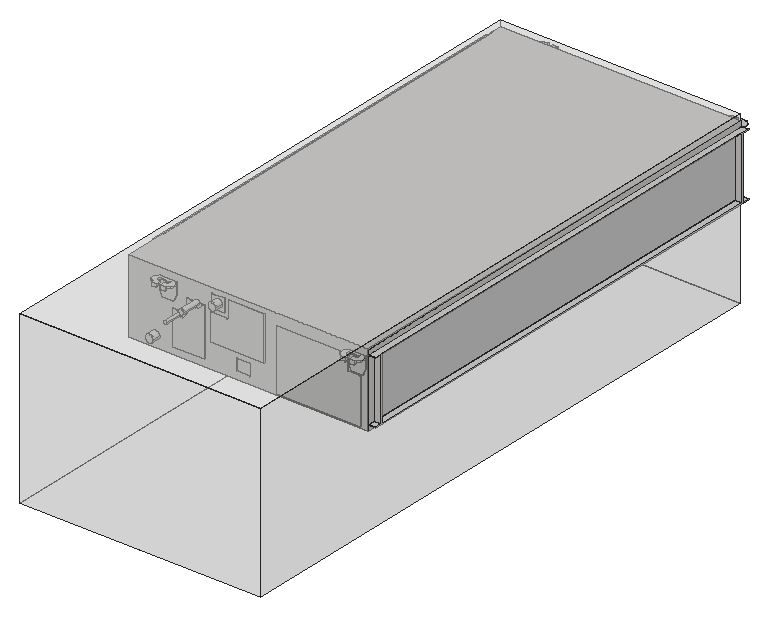
Revit family "outputfile", category 機械設備, Revit 2024
Family settings
  丸型コネクタ寸法 = 半径を使用
  パーツ タイプ = 標準
  OmniClass 番号 = 23.75.10.24.21.27.27
  OmniClass タイトル = Split System Air Conditioning Units
  作業面ベース = いいえ
  常に垂直 = はい
  ロード時にボイドで切り取り = いいえ
  注釈の向きを維持 = いいえ
  共有 = いいえ
  部屋計算ポイント = はい
Parameters (values of type "FXSA140AVMS")
  製造元 = "Daikin"
  書き出し IFC クラス(タイプ) = "IfcUnitaryEquipmentType"
  定義済み IFC タイプ(タイプ) = "AIRCONDITIONINGUNIT"
  モデル = "FXSA140AVMS"
  switch_frequency = yes
  r_Liquid Pipe Size = Liquid Pipe Size / 2  # 4.75 mm
  r_Gas Pipe Size = Gas Pipe Size / 2  # 7.95 mm
  r_Drain Pipe Size = Drain Pipe Size / 2  # 12.5 mm
  lw_power = 770.0 mm
  lh_SA = 138.0 mm
  lw_SA = if(Width = 550.0 mm, 225.0 mm, if(Width = 700.0 mm, 300.0 mm, if(Width = 1000.0 mm, 450.0 mm, if(Width = 1400.0 mm, 650.0 mm, 725.0 mm))))  # 725.0 mm
  lw_RA = if(Width = 550.0 mm, 275.0 mm, if(Width = 700.0 mm, 349.0 mm, if(Width = 1000.0 mm, 499.0 mm, if(Width = 1400.0 mm, 699.0 mm, 775.0 mm))))  # 775.0 mm
  lh_power = 60.0 mm + [h***]  # 60.0 mm
  lh_mountinghole1 = lh_mountinghole + [h***]  # 222.0 mm
  lh_RA = 123.0 mm
  ld_power = Width / 2  # 775.0 mm
  connector_voltage = Voltage_50Hz  # 220 V
  connector_powerinput = [Power Input (Cooling)]  # 0.222 kW
  connector_phase = Phase_50Hz  # 1
  Voltage_comment_50Hz = "220"
  Voltage_50Hz = 220 V
  Total Heating Capacity [instance] = 0.000 kW
  Supply Air Direction [instance] = yes
  Sound Power Level_H speed (dB) = 71
  Power Input (Heating) = 0.217 kW
  Phase_50Hz = 1
  Nominal Heating Capacity = 18.000 kW
  Minimum External Static Pressure = 50.00 Pa
  Minimum Circuit Amps_50Hz = 3.3 A
  Maximum Fuse Amps_50Hz = 16.0 A
  Maximum External Static Pressure = 140.00 Pa
  Material_Casing = DAIKIN_GalvanizedSteel_Casing_indoorunit
  lw_mountinghole = 630.0 mm
  lh_gaspipe = 183.0 mm + [h***]  # 183.0 mm
  lh_mountinghole = 222.0 mm
  lh_liquidpipe = 136.0 mm + [h***]  # 136.0 mm
  lh_drainpipe = 207.0 mm + [h***]  # 207.0 mm
  lh_antena = Height - lh_mountinghole + 1.0 mm  # 24.0 mm
  ld_drainpipe = Width / 2 + 26.0 mm  # 801.0 mm
  ld_liquidpipe = 844.0 mm
  ld_gaspipe = Width / 2 + 65.0 mm  # 840.0 mm
  ld_mountinghole = Width + 38.0 mm  # 1588.0 mm
  h*** = 0.0 mm
  lw_liquidpipe = 179.0 mm
  lw_gaspipe = 229.0 mm
  lw_drainpipe = 300.0 mm
  Width = 1550.0 mm
  Version = "ver.1.0"
  Unit Type = "Duct_M.S.P."
  Unit Mass Weight = 52.00 kg
  Unit Designation [instance] = ""
  Uniclass2015Version = "Products v1.30"
  Uniclass2015Title = "Variable refrigerant flow units"
  Uniclass2015Code = "Pr_70_65_03_94"
  Total Cooling Capacity [instance] = 0.000 kW
  Sound Pressure Level_M speed (dBA) = 40
  Sound Pressure Level_L speed (dBA) = 36
  Sound Pressure Level_H speed (dBA) = 43
  Series = "VRV Fan Coil Unit"
  Sensible Cooling Capacity [instance] = 0.000 kW
  SA Duct Size Width = 1337.0 mm
  SA Duct Size Height = 176.0 mm
  Refrigerant Type = "R32"
  RA Duct Size Width = 1502.0 mm
  RA Duct Size Height = 208.0 mm
  Power Input (Cooling) = 0.222 kW
  Option Accessory 3 [instance] = ""
  Option Accessory 2 [instance] = ""
  Option Accessory 1 [instance] = ""
  Nominal Cooling Capacity = 16.000 kW
  Minimum Airflow = 1680.00 m³/h
  Median Airflow = 2010.00 m³/h
  Maximum Airflow = 2340.00 m³/h
  Load Classification = HVAC
  Liquid Pipe Size = 9.5 mm
  Link_Nested Family [instance] = ""
  IfcVersion = ""
  IfcExportType = "AIRCONDITIONINGUNIT"
  IfcExportAs = "IfcUnitaryEquipmentType"
  Height = 245.0 mm
  Heating Entering Wet Bulb Temperature [instance] = -273.15 °C
  Heating Entering Dry Bulb Temperature [instance] = -273.15 °C
  Heating Ambient Wet Bulb Temperature [instance] = -273.15 °C
  Heating Ambient Dry Bulb Temperature [instance] = -273.15 °C
  Heat Exchanger Type = "Cross Fin Coil"
  Gas Pipe Size = 15.9 mm
  Frequency_50Hz = 50 Hz
  Fan Type = "Sirocco Fan"
  Fan Drive = "Direct Drive"
  FCU Tag No. [instance] = ""
  Drain Pipe Size = 25.0 mm
  Design Supply Airflow [instance] = 0.00 m³/h
  Design Return Airflow [instance] = 0.00 m³/h
  Design External Static Pressure [instance] = 0.00 Pa
  Depth = 800.0 mm
  既定の高さ = 0.0 mm
  Cooling Entering Wet Bulb Temperature [instance] = 0.00 °C
  Cooling Entering Dry Bulb Temperature [instance] = 0.00 °C
  Cooling Ambient Wet Bulb Temperature [instance] = 0.00 °C
  Cooling Ambient Dry Bulb Temperature [instance] = 0.00 °C
  Clearance visibility [instance] = yes
  Clearance Top = 20.0 mm
  Clearance Right = 0.0 mm
  Clearance Rear = 0.0 mm
  Clearance Left = 0.0 mm
  Clearance Front = 450.0 mm
  Clearance Bottom = 300.0 mm
Reference planes
  plane 1 "Center (Front/Back)": y = 0
  plane 2 "h": z = 0
  plane 3 "Center (Left/Right)": x = 0
  plane 4 "Back": y = 775
  plane 5 "Front": y = -775
  plane 6 "Left": x = -400
  plane 7 "Right": x = 400
  plane 8 "Top": z = 0
  plane 9 "Bottom": z = -245
  plane 10: y = -215
  plane 11: y = 775
  plane 12: y = -1225
  plane 13: x = -400
  plane 14: x = 400
  plane 15: z = 20
  plane 16: z = -545
  plane 17: x = -400
  plane 18: x = -399
  plane 19: x = 399
  plane 20: y = 50
  plane 21: y = 0
  plane 22: z = -122
  plane 23: y = -776
  plane 24: z = -109
  plane 25: x = -221
  plane 26: y = -840
  plane 27: z = -62
  plane 28: x = -171
  plane 29: y = -801
  plane 30: z = -38
  plane 31: x = -100
  plane 32: x = -100
  plane 33: x = -221
  plane 34: x = -171
  plane 35: x = 370
  plane 36: x = -266
  plane 37: x = 364
  plane 38: y = -794
  plane 39: y = 794
  plane 40: z = -23
  plane 41: z = -107
  plane 42: y = -844
  plane 43: z = -207
  plane 44: x = -309
  plane 45: y = -376
  plane 46: x = -251
  plane 47: x = -203
  plane 48: x = -144
  plane 49: z = -59
  plane 50: z = -106
  plane 51: z = -221
  plane 52: z = -109
  plane 53: x = -221
  plane 54: z = -62
  plane 55: x = -171
  plane 56: z = -17
  plane 57: z = -59
  plane 58: x = -121
  plane 59: x = -79
  plane 60: x = -125
  plane 61: x = -64
  plane 62: x = 53
  plane 63: z = -164
  plane 64: z = -73
  plane 65: z = -16
  plane 66: x = 93.5
  plane 67: x = 374.5
  plane 68: x = 330
  plane 69: z = -88.5
  plane 70: z = -38
  plane 71: z = -242.5
  plane 72: x = -38.5
  plane 73: x = 6.5
  plane 74: z = -181
  plane 75: z = -221
  plane 76: y = -774
  plane 77: x = -424
  plane 78: x = 424
Forms (mm)
  Extrusion 1, solid, material "DAIKIN_GalvanizedSteel_Casing_indoorunit" <- "Material_Casing"
    sketch origin (0, 0, 0) x (1, 0, 0) y (0, 1, 0)
      loop
        line (-399, 775) -> (-399, -775) -> (399, -775) -> (399, 775) -> (-399, 775)
    from -245 to 0
  Extrusion 2, solid, material "DAIKIN_GalvanizedSteel_Casing_indoorunit" <- "Material_Casing"
    sketch origin (0, 0, 0) x (1, 0, 0) y (0, 0, 1)
      loop
        line (-251, -221) -> (-144, -221) -> (-144, -59) -> (-154.47, -59)
        arc (-154.47, -59) -> (-171, -78.8) -> (-187.53, -59) r 16.8
        line (-187.53, -59) -> (-203, -59) -> (-203, -106) -> (-206.916, -106)
        arc (-206.916, -106) -> (-221, -123.4) -> (-235.084, -106) r 14.4
        line (-235.084, -106) -> (-251, -106) -> (-251, -221)
    from 775 to 776
  Extrusion 3, solid, material "DAIKIN_GalvanizedSteel_Casing_indoorunit" <- "Material_Casing"
    sketch origin (0, 0, 0) x (1, 0, 0) y (0, 0, 1)
      loop
        line (-121, -17) -> (-121, -59) -> (-79, -59) -> (-79, -17) -> (-121, -17)
      loop
        line (-125, -73) -> (-125, -164) -> (53, -164) -> (53, -16) -> (-64, -16) -> (-64, -73) -> (-125, -73)
    from 775 to 776
  Extrusion 4, solid, material "DAIKIN_GalvanizedSteel_Casing_indoorunit" <- "Material_Casing"
    sketch origin (0, 0, 0) x (1, 0, 0) y (0, 0, 1)
      loop
        line (93.5, -38) -> (93.5, -242.5) -> (374.5, -242.5) -> (374.5, -88.5) -> (330, -88.5) -> (330, -38) -> (93.5, -38)
    from 775 to 776
  Extrusion 5, solid, material "DAIKIN_GalvanizedSteel_Casing_indoorunit" <- "Material_Casing"
    sketch origin (0, 0, 0) x (1, 0, 0) y (0, 0, 1)
      loop
        circle (-221, -109) r 4.75
    from 775 to 844
  Extrusion 6, solid, material "DAIKIN_GalvanizedSteel_Casing_indoorunit" <- "Material_Casing"
    sketch origin (0, 0, 0) x (1, 0, 0) y (0, 0, 1)
      loop
        circle (-171, -62) r 7.95
    from 775 to 840
  Extrusion 7, solid, material "DAIKIN_GalvanizedSteel_Casing_indoorunit" <- "Material_Casing"
    sketch origin (0, 0, 0) x (1, 0, 0) y (0, 0, 1)
      loop
        circle (-100, -38) r 12.5
    from 776 to 801
  Extrusion 8, solid, material "DAIKIN_GalvanizedSteel_Casing_indoorunit" <- "Material_Casing"
    sketch origin (0, 0, 0) x (1, 0, 0) y (0, 0, 1)
      loop
        circle (-309, -207) r 13
    from 775 to 801
  Extrusion 9, void
    sketch origin (0, 0, 0) x (1, 0, 0) y (0, 0, 1)
      loop
        line (-38.5, -181) -> (-38.5, -221) -> (6.5, -221) -> (6.5, -181) -> (-38.5, -181)
    from 774 to 775
Cuts and joins
  Extrusion 9 cuts Extrusion 1
Dimensions and locks
  "Height": plane 8 "Top" to plane 9 "Bottom"
  equal spacing: plane 4 "Back", plane 1 "Center (Front/Back)", plane 5 "Front"
  "Width": plane 4 "Back" to plane 5 "Front"
  equal spacing: plane 6 "Left", plane 3 "Center (Left/Right)", plane 7 "Right"
  "Depth": plane 6 "Left" to plane 7 "Right"
  "Clearance Left": plane 13 to plane 6 "Left"
  "Clearance Right": plane 7 "Right" to plane 14
  "Clearance Rear": plane 11 to plane 4 "Back"
  "Clearance Front": plane 5 "Front" to plane 12
  "Clearance Top": plane 15 to plane 8 "Top"
  "Clearance Bottom": plane 9 "Bottom" to plane 16
  locked: plane 17 to plane 18 at 1
  locked: plane 19 to plane 14 at 1
  "lw_SA": plane 11 to plane 20
  "lw_RA": plane 21 to plane 5 "Front"
  "lh_RA": plane 22 to plane 9 "Bottom"
  locked: plane 5 "Front" to plane 23 at 1
  "lw_liquidpipe": plane 25 to plane 6 "Left"
  "lh_liquidpipe": plane 24 to plane 9 "Bottom"
  "lh_gaspipe": plane 27 to plane 9 "Bottom"
  "lw_gaspipe": plane 28 to plane 6 "Left"
  "ld_gaspipe": plane 26 to plane 1 "Center (Front/Back)"
  "ld_drainpipe": plane 29 to plane 1 "Center (Front/Back)"
  "lh_drainpipe": plane 30 to plane 9 "Bottom"
  "lw_drainpipe": plane 31 to plane 6 "Left"
  "lw_drainpipe": plane 6 "Left" to plane 32
  "lw_liquidpipe": plane 6 "Left" to plane 33
  "lw_gaspipe": plane 6 "Left" to plane 34
  "lw_power": plane 6 "Left" to plane 35
  locked: plane 17 to plane 36 at 134
  "lw_mountinghole": plane 36 to plane 37
  equal spacing: plane 38, plane 1 "Center (Front/Back)", plane 39
  "ld_mountinghole": plane 39 to plane 38
  "lh_mountinghole": plane 40 to plane 9 "Bottom"
  "lh_SA": plane 41 to plane 9 "Bottom"
  locked: plane 44 to plane 6 "Left" at 91
  locked: plane 43 to plane 9 "Bottom" at 38
  plane 48 to plane 47 to plane 46 to plane 6 "Left" = 59.0 mm, 48.0 mm, 149.0 mm
  plane 8 "Top" to plane 49 to plane 50 to plane 51 = 59.0 mm locked, 47.0 mm locked, 115.0 mm locked
  plane 55 to plane 53 to plane 6 "Left" = 50.0 mm locked, 179.0 mm locked
  plane 54 to plane 52 to plane 9 "Bottom" = 47.0 mm locked, 136.0 mm locked
  plane 59 to plane 58 to plane 6 "Left" = 42.0 mm locked, 279.0 mm locked
  plane 8 "Top" to plane 56 to plane 57 = 17.0 mm locked, 42.0 mm locked
  plane 62 to plane 61 to plane 60 to plane 6 "Left" = 117.0 mm, 61.0 mm, 275.0 mm
  plane 8 "Top" to plane 65 to plane 64 = 16.0 mm locked, 57.0 mm locked
  locked: plane 65 to plane 63 at 148
  plane 8 "Top" to plane 70 to plane 69 to plane 71 = 38.0 mm locked, 50.5 mm locked, 154.0 mm locked
  plane 67 to plane 68 to plane 66 to plane 6 "Left" = 44.5 mm locked, 236.5 mm locked, 493.5 mm locked
  plane 8 "Top" to plane 74 to plane 75 = 181.0 mm locked, 40.0 mm locked
  plane 73 to plane 72 to plane 6 "Left" = 45.0 mm, 361.5 mm
  locked: plane 76 to plane 5 "Front" at 1
  locked: plane 77 to plane 17 at 24
  locked: plane 14 to plane 78 at 24
  "ld_liquidpipe": plane 42 to plane 1 "Center (Front/Back)"
  "r_Liquid Pipe Size": radius of Extrusion 5 sketch curve
  "r_Gas Pipe Size": radius of Extrusion 6 sketch curve
  "r_Drain Pipe Size": radius of Extrusion 7 sketch curve
  aligned and locked: level to plane 2 "h"
  aligned and locked: plane 8 "Top" to Extrusion 1
  aligned and locked: Extrusion 1 to plane 9 "Bottom"
  aligned and locked: nested 5 to plane 12
  aligned and locked: plane 13 to nested 5
  aligned and locked: plane 14 to nested 5
  aligned and locked: nested 5 to plane 13
  aligned and locked: plane 11 to nested 5
  aligned and locked: plane 15 to nested 5
  aligned and locked: plane 16 to nested 5
  aligned and locked: plane 5 "Front" to Extrusion 1 sketch curve
  aligned and locked: Extrusion 1 to plane 18
  aligned and locked: plane 19 to Extrusion 1
  aligned and locked: nested 7 to plane 18
  aligned and locked: nested 7 to plane 20
  aligned and locked: plane 19 to nested 8
  aligned and locked: plane 21 to nested 8
  aligned and locked: plane 22 to nested 8
  aligned and locked: Extrusion 2 to plane 23
  aligned and locked: plane 5 "Front" to Extrusion 2
  aligned and locked: Extrusion 3 to plane 23
  aligned and locked: plane 5 "Front" to Extrusion 3
  aligned and locked: plane 5 "Front" to Extrusion 4
  aligned and locked: Extrusion 5 sketch curve to plane 25
  aligned and locked: plane 24 to Extrusion 5 sketch curve
  aligned and locked: plane 5 "Front" to Extrusion 5
  aligned and locked: Extrusion 6 sketch curve to plane 28
  aligned and locked: plane 27 to Extrusion 6 sketch curve
  aligned and locked: plane 5 "Front" to Extrusion 6
  aligned and locked: Extrusion 7 sketch curve to plane 31
  aligned and locked: Extrusion 7 sketch curve to plane 30
  aligned and locked: Extrusion 7 to plane 29
  aligned and locked: plane 23 to Extrusion 7
  aligned and locked: nested 3 to plane 29
  aligned and locked: nested 3 to plane 32
  aligned and locked: nested 2 to plane 33
  aligned and locked: nested 1 to plane 34
  aligned and locked: Extrusion 6 to plane 26
  aligned and locked: nested 1 to plane 26
  aligned and locked: nested 6 to plane 5 "Front"
  aligned and locked: nested 6 to plane 35
  aligned and locked: plane 36 to nested 10
  aligned and locked: nested 10 to plane 5 "Front"
  aligned and locked: plane 37 to nested 9
  aligned and locked: nested 9 to plane 5 "Front"
  aligned and locked: nested 11 to plane 36
  aligned and locked: plane 4 "Back" to nested 11
  aligned and locked: nested 12 to plane 37
  aligned and locked: plane 4 "Back" to nested 12
  aligned and locked: plane 40 to nested 10
  aligned and locked: plane 40 to nested 11
  aligned and locked: plane 40 to nested 9
  aligned and locked: plane 40 to nested 12
  aligned and locked: plane 36 to nested 14
  aligned and locked: nested 14 to plane 39
  aligned and locked: plane 37 to nested 13
  aligned and locked: nested 13 to plane 39
  aligned and locked: plane 37 to nested 16
  aligned and locked: plane 38 to nested 16
  aligned and locked: plane 38 to nested 15
  aligned and locked: plane 36 to nested 15
  aligned and locked: plane 17 to plane 6 "Left"
  aligned and locked: plane 41 to nested 7
  aligned and locked: Extrusion 5 to plane 42
  aligned and locked: nested 2 to plane 42
  aligned and locked: Extrusion 8 sketch curve to plane 44
  aligned and locked: plane 43 to Extrusion 8 sketch curve
  aligned and locked: plane 5 "Front" to Extrusion 8
  aligned and locked: Extrusion 3 sketch curve to plane 56
  aligned and locked: Extrusion 3 sketch curve to plane 58
  aligned and locked: plane 57 to Extrusion 3 sketch curve
  aligned and locked: plane 59 to Extrusion 3 sketch curve
  aligned and locked: Extrusion 4 to plane 23
  aligned and locked: Extrusion 9 sketch curve to plane 74
  aligned and locked: plane 75 to Extrusion 9 sketch curve
  aligned and locked: plane 73 to Extrusion 9 sketch curve
  aligned and locked: plane 5 "Front" to Extrusion 9
  aligned and locked: plane 76 to Extrusion 9
  aligned and locked: nested 17 to plane 20
  aligned and locked: nested 17 to plane 77
  aligned and locked: plane 21 to nested 18
  aligned and locked: plane 78 to nested 18
  aligned and locked: plane 41 to nested 17
  aligned and locked: nested 18 to plane 22
  aligned and locked: nested 4 to plane 3 "Center (Left/Right)"
  aligned and locked: plane 1 "Center (Front/Back)" to nested 4
  aligned and locked: level to plane 8 "Top"
  aligned and locked: Extrusion 8 to plane 29
Automatic sketch dimensions
  plane 6 "Left" to Extrusion 1 sketch curve = 1.0 mm
  Extrusion 1 sketch curve to plane 7 "Right" = 1.0 mm
  Extrusion 1 sketch curve to plane 4 "Back" = 0.0 mm
  Extrusion 2 sketch curve to plane 46 = 0.0 mm
  Extrusion 2 sketch curve to plane 33 = 0.0 mm
  Extrusion 2 sketch curve to plane 47 = 0.0 mm
  Extrusion 2 sketch curve to plane 34 = 0.0 mm
  Extrusion 2 sketch curve to plane 48 = 0.0 mm
  Extrusion 2 sketch curve to plane 51 = 0.0 mm
  Extrusion 2 sketch curve to plane 52 = 0.0 mm
  Extrusion 2 sketch curve to plane 50 = 0.0 mm  (x3)
  Extrusion 2 sketch curve to plane 54 = 0.0 mm
  Extrusion 2 sketch curve to plane 49 = 0.0 mm  (x3)
  plane 33 to Extrusion 2 sketch curve = 14.084 mm
  plane 34 to Extrusion 2 sketch curve = 16.53 mm
  Extrusion 3 sketch curve to plane 60 = 0.0 mm
  Extrusion 3 sketch curve to plane 61 = 0.0 mm
  Extrusion 3 sketch curve to plane 62 = 0.0 mm
  Extrusion 3 sketch curve to plane 63 = 0.0 mm
  Extrusion 3 sketch curve to plane 64 = 0.0 mm
  Extrusion 3 sketch curve to plane 65 = 0.0 mm
  Extrusion 4 sketch curve to plane 66 = 0.0 mm
  Extrusion 4 sketch curve to plane 68 = 0.0 mm
  Extrusion 4 sketch curve to plane 67 = 0.0 mm
  Extrusion 4 sketch curve to plane 71 = 0.0 mm
  Extrusion 4 sketch curve to plane 69 = 0.0 mm
  Extrusion 4 sketch curve to plane 70 = 0.0 mm
  Extrusion 9 sketch curve to plane 72 = 0.0 mm
  radius of Extrusion 8 sketch curve = 13.0 mm
Nested families
  nested 1: "daikin_connector_rotate2" at (-171, 0, -62), length <- "ld_gaspipe", built-in parameter 1001364 <- "lh_gaspipe", radius <- "r_Gas Pipe Size", type "daikin_connector_rotate2"
    with radius 7.95 mm, length 840.0 mm, angle_vertical 90.00°
  nested 2: "daikin_connector_rotate2" at (-221, 0, -109), length <- "ld_liquidpipe", built-in parameter 1001364 <- "lh_liquidpipe", radius <- "r_Liquid Pipe Size", type "daikin_connector_rotate2"
    with radius 4.75 mm, length 844.0 mm, angle_vertical 90.00°
  nested 3: "daikin_connector_rotate2" at (-100, 0, -38), length <- "ld_drainpipe", built-in parameter 1001364 <- "lh_drainpipe", radius <- "r_Drain Pipe Size", type "daikin_connector_rotate2"
    with radius 12.5 mm, length 801.0 mm, angle_vertical 90.00°
  nested 4: "daikin_△_symbolicline" at (0, 0, 245) x (0, -1, 0) z (0, 0, 1), built-in parameter 1001364 <- "Height", visible <- "Supply Air Direction", type "daikin_△_symbolicline"
    with length 200.0 mm
  nested 5: "daikin_clearancespace" at (0, -225, -262.381), visible <- "Clearance visibility", show <- "Clearance visibility", Link_Nested Family <- "Link_Nested Family", type "daikin_clearancespace"
    with width 800.0 mm, show yes, height 565.0 mm, depth 2000.0 mm, Link_Nested Family ""
  nested 6: "daikin_connector_rotate2" at (370, 0, -185), built-in parameter 1001364 <- "lh_power", length <- "ld_power", type "daikin_connector_rotate2"
    with radius 10.0 mm, length 775.0 mm, angle_vertical 90.00°
  nested 7: "daikin_ductflange_FXSA-AVMS2" at (-399, 50, -107) x (0, -1, 0) z (0, 0, 1), type "daikin_ductflange_FXSA-AVMS2"
    with width 1337.0 mm, w1 24.0 mm, w 1550.0 mm
  nested 8: "daikin_ductflange_FXSA-AVMS" at (399, 0, -122) x (0, 1, 0) z (0, 0, 1), type "daikin_ductflange_FXSA-AVMS"
    with width 1502.0 mm, lw 25.0 mm, w 1550.0 mm
  nested 9: "FXFSA-AVM" at (364, -775, -23), type "daikin_hangerfixture_FXFSA-AVM"
  nested 10: "FXFSA-AVM" at (-266, -775, -23), type "daikin_hangerfixture_FXFSA-AVM"
  nested 11: "FXFSA-AVM" at (-266, 775, -23) x (-1, 0, 0) z (0, 0, 1), type "daikin_hangerfixture_FXFSA-AVM"
  nested 12: "FXFSA-AVM" at (364, 775, -23) x (-1, 0, 0) z (0, 0, 1), type "daikin_hangerfixture_FXFSA-AVM"
  nested 13: "daikin_mountinghole" at (364, 794, -245), h_mountinghole <- "lh_mountinghole1", l_antenna <- "lh_antena", Link_Nested Family <- "Link_Nested Family", type "daikin_mountinghole"
    with show yes, l_antenna 24.0 mm, h_mountinghole 222.0 mm, Link_Nested Family ""
  nested 14: "daikin_mountinghole" at (-266, 794, -245), h_mountinghole <- "lh_mountinghole1", l_antenna <- "lh_antena", Link_Nested Family <- "Link_Nested Family", type "daikin_mountinghole"
    with show yes, l_antenna 24.0 mm, h_mountinghole 222.0 mm, Link_Nested Family ""
  nested 15: "daikin_mountinghole" at (-266, -794, -245), h_mountinghole <- "lh_mountinghole1", l_antenna <- "lh_antena", Link_Nested Family <- "Link_Nested Family", type "daikin_mountinghole"
    with show yes, l_antenna 24.0 mm, h_mountinghole 222.0 mm, Link_Nested Family ""
  nested 16: "daikin_mountinghole" at (364, -794, -245), h_mountinghole <- "lh_mountinghole1", l_antenna <- "lh_antena", Link_Nested Family <- "Link_Nested Family", type "daikin_mountinghole"
    with show yes, l_antenna 24.0 mm, h_mountinghole 222.0 mm, Link_Nested Family ""
  nested 17: "daikin_connector_rotate2" at (-400, 50, -107) x (0, -1, 0) z (0, 0, 1), type "daikin_connector_rotate2"
    with radius 10.0 mm, length 24.0 mm, angle_vertical 90.00°
  nested 18: "daikin_connector_rotate2" at (400, 0, -122) x (0, 1, 0) z (0, 0, 1), type "daikin_connector_rotate2"
    with radius 10.0 mm, length 24.0 mm, angle_vertical 90.00°
Connectors
  piping at (-100, -801, -38), diameter 25, driven by "r_Drain Pipe Size"
    settings: on nested 3, index 3, connector inside diameter 609.6 mm, connector length 0.0 mm, flow factor 0, pipe flow 0.00 m³/h, pressure drop 0.0 Pa, fitting loss kfactor 0, connector angle 0.00°, fixture units 0, engagement length 0.0 mm, angle of deflection 0.00°, flow configuration 1, flow direction 2, fitting loss method 4, system type 16, joint type 0, gender type 0, connector reference index -1, connector utility 0, adjustable connector no, is connector primary yes, connector description "Condensate Drain Piping"
  piping at (-171, -840, -62), diameter 15.9, driven by "r_Gas Pipe Size"
    settings: on nested 1, index 4, connector inside diameter 609.6 mm, connector length 0.0 mm, flow factor 0, pipe flow 0.00 m³/h, pressure drop 0.0 Pa, fitting loss kfactor 0, connector angle 0.00°, fixture units 0, engagement length 0.0 mm, angle of deflection 0.00°, flow configuration 1, flow direction 2, fitting loss method 0, system type 29, joint type 0, gender type 0, connector reference index -1, connector utility 0, adjustable connector no, is connector primary no, connector description "Refrigerant Gas Piping"
  piping at (-221, -844, -109), diameter 9.5, driven by "r_Liquid Pipe Size"
    settings: on nested 2, index 5, connector inside diameter 609.6 mm, connector length 0.0 mm, flow factor 0, pipe flow 0.00 m³/h, pressure drop 0.0 Pa, fitting loss kfactor 0, connector angle 0.00°, fixture units 0, engagement length 0.0 mm, angle of deflection 0.00°, flow configuration 1, flow direction 1, fitting loss method 0, system type 29, joint type 0, gender type 0, connector reference index -1, connector utility 0, adjustable connector no, is connector primary no, connector description "Refrigerant Liquid Piping"
  electrical at (370, -775, -185), driven by "Load Classification", driven by "connector_voltage", driven by "connector_phase", driven by "connector_powerinput"
    settings: on nested 6, index 6, voltage 220 V, apparent load 222 VA, apparent load phase1 0 VA, apparent load phase2 0 VA, apparent load phase3 0 VA, power factor 1, load classification "HVAC", number of poles 1, system type 30, power factor state 1, is connector primary yes, connector utility no, sub classification motor no, connector description "Power Supply"
  hvac at (-424, 50, -107), driven by "SA Duct Size Height", driven by "SA Duct Size Width"
    settings: on nested 17, index 7, duct flow 0.00 m³/h, flow factor 0, pres drop 0.00 Pa, loss coef 0, conn angle 0.00°, conn width 1337.0 mm, conn height 176.0 mm, conn diameter 609.6 mm, duct sys type 1, conn prof type 1, flow config 0, flow direction 2, loss method 4, conn ref index -1, conn util no, is conn primary yes, conn desc "SA Duct"
  hvac at (424, 0, -122), driven by "RA Duct Size Height", driven by "RA Duct Size Width"
    settings: on nested 18, index 8, duct flow 0.00 m³/h, flow factor 0, pres drop 0.00 Pa, loss coef 0, conn angle 0.00°, conn width 1502.0 mm, conn height 208.0 mm, conn diameter 609.6 mm, duct sys type 2, conn prof type 1, flow config 0, flow direction 1, loss method 4, conn ref index -1, conn util no, is conn primary no, conn desc "RA Duct"
Definition of nested family "daikin_clearancespace"
  Parameters (values of type "daikin_clearancespace")
    Description = "daikin_clearancespace"
    width [instance] = 1823.963 mm
    show [instance] = yes
    material = none
    height [instance] = 1359.762 mm
    depth [instance] = 880.0 mm
    Default Elevation = 0.0 mm
    Link_Nested Family [instance] = ""
  Reference planes
    plane 1 "Center (Front/Back)": y = 0
    plane 2 "Center (Elevation)": z = -0.119
    plane 3 "Center (Left/Right)": x = 0
    plane 4: y = 440
    plane 5: y = -440
    plane 6 "Right": x = 911.982
    plane 7 "Left": x = -911.982
    plane 8 "Top": z = 679.762
    plane 9 "Bottom": z = -680
  Forms (mm)
    Extrusion 1, solid, material <- "material", visible <- "show"
      sketch origin (0, 0, 0) x (1, 0, 0) y (0, 1, 0)
        loop
          line (-911.982, 440) -> (-911.982, -440) -> (911.982, -440) -> (911.982, 440) -> (-911.982, 440)
      from -680 to 679.762
  Lines and regions (mm)
    symbolic lines, visible <- "show"
      curve 1: line (911.982, 440, 0) -> (-911.982, 440, 0)
      curve 2: line (-911.982, 440, 0) -> (-911.982, -440, 0)
      curve 3: line (-911.982, -440, 0) -> (911.982, -440, 0)
      curve 4: line (911.982, -440, 0) -> (911.982, 440, 0)
      curve 5: line (911.982, 0, 679.762) -> (-911.982, 0, 679.762)
      curve 6: line (911.982, 0, -680) -> (911.982, 0, 679.762)
      curve 7: line (-911.982, 0, -680) -> (911.982, 0, -680)
      curve 8: line (-911.982, 0, 679.762) -> (-911.982, 0, -680)
      curve 9: line (0, 440, 679.762) -> (0, -440, 679.762)
      curve 10: line (0, -440, 679.762) -> (0, -440, -680)
      curve 11: line (0, 440, -680) -> (0, 440, 679.762)
      curve 12: line (0, -440, -680) -> (0, 440, -680)
  Dimensions and locks
    "width": plane 7 "Left" to plane 6 "Right"
    "depth": plane 4 to plane 5
    "height": plane 8 "Top" to plane 9 "Bottom"
    equal spacing: plane 7 "Left", plane 3 "Center (Left/Right)", plane 6 "Right"
    equal spacing: plane 4, plane 1 "Center (Front/Back)", plane 5
    equal spacing: plane 8 "Top", plane 2 "Center (Elevation)", plane 9 "Bottom"
    aligned and locked: level to plane 2 "Center (Elevation)"
    aligned and locked: Extrusion 1 sketch curve to plane 4
    aligned and locked: plane 7 "Left" to Extrusion 1 sketch curve
    aligned and locked: Extrusion 1 sketch curve to plane 5
    aligned and locked: Extrusion 1 sketch curve to plane 6 "Right"
    aligned and locked: plane 8 "Top" to Extrusion 1
    aligned and locked: curve 1 to Extrusion 1
    aligned and locked: curve 2 to Extrusion 1
    aligned and locked: curve 3 to Extrusion 1
    aligned and locked: curve 4 to Extrusion 1
    aligned and locked: curve 5 to Extrusion 1
    aligned and locked: curve 6 to Extrusion 1
    aligned and locked: curve 7 to Extrusion 1
    aligned and locked: curve 8 to Extrusion 1
    aligned and locked: curve 9 to Extrusion 1
    aligned and locked: curve 10 to Extrusion 1
    aligned and locked: curve 11 to Extrusion 1
    aligned and locked: curve 12 to Extrusion 1
    aligned and locked: Extrusion 1 to plane 9 "Bottom"
Definition of nested family "daikin_ductflange_FXSA-AVMS2"
  Parameters (values of type "daikin_ductflange_FBA-BVMA2")
    width = if(w = 550.0 mm, 337.0 mm, if(w = 700.0 mm, 492.0 mm, if(w = 1000.0 mm, 792.0 mm, if(w = 1400.0 mm, 1192.0 mm, 1337.0 mm))))  # 492.0 mm
    w1 = if(w = 550.0 mm, 24.0 mm, if(w = 700.0 mm, 21.5 mm, if(w = 1000.0 mm, 21.5 mm, if(w = 1400.0 mm, 21.5 mm, 24.0 mm))))  # 21.5 mm
    material = none
    height = 215.0 mm
    depth = 1.0 mm
    w = 700.0 mm
    Default Elevation = 0.0 mm
  Reference planes
    plane 1 "Center (Front/Back)": y = 0
    plane 2: z = 0
    plane 3 "Center (Left/Right)": x = 0
    plane 4: z = 88
    plane 5: z = -88
    plane 6: y = -25
    plane 7: z = 106
    plane 8: z = 89
    plane 9: y = -1
    plane 10: x = -267.5
    plane 11: x = 267.5
    plane 12: z = -106
    plane 13: z = -89
    plane 14: y = -1
    plane 15: x = 246
    plane 16: x = -246
    plane 17: x = 247
    plane 18: z = 87
    plane 19: z = -87
    plane 20: x = -247
    plane 21: z = 87
    plane 22: z = -87
    plane 23: y = -1
  Forms (mm)
    Extrusion 1, solid, material <- "material"
      sketch origin (0, 0, 0) x (0, 1, 0) y (0, 0, 1)
        loop
          line (-25, 88) -> (0, 88) -> (0, 106) -> (-1, 106) -> (-1, 89) -> (-25, 89) -> (-25, 88)
      from -267.5 to 267.5
    Extrusion 2, solid, material <- "material"
      sketch origin (0, 0, 0) x (0, 1, 0) y (0, 0, 1)
        loop
          line (-25, -88) -> (-25, -89) -> (-1, -89) -> (-1, -106) -> (0, -106) -> (0, -88) -> (-25, -88)
      from -267.5 to 267.5
    Extrusion 3, solid, material <- "material"
      sketch origin (0, 0, 0) x (1, 0, 0) y (0, 0, 1)
        loop
          line (246, 88) -> (246, -88) -> (267.5, -88) -> (267.5, -87) -> (247, -87) -> (247, 87) -> (267.5, 87) -> (267.5, 88) -> (246, 88)
      from 0 to 25
    Extrusion 4, solid, material <- "material"
      sketch origin (0, 0, 0) x (1, 0, 0) y (0, 0, 1)
        loop
          line (-267.5, 88) -> (-267.5, 87) -> (-247, 87) -> (-247, -87) -> (-267.5, -87) -> (-267.5, -88) -> (-246, -88) -> (-246, 88) -> (-267.5, 88)
      from 0 to 25
    Extrusion 5, solid, material <- "material"
      sketch origin (0, 0, 0) x (1, 0, 0) y (0, 0, 1)
        loop
          line (-267.5, 88) -> (-267.5, -88) -> (-246, -88) -> (-246, 88) -> (-267.5, 88)
        loop
          line (267.5, 88) -> (246, 88) -> (246, -88) -> (267.5, -88) -> (267.5, 88)
      from 0 to 1
  Cuts and joins
    joined: Extrusion 1, Extrusion 2, Extrusion 3, Extrusion 4, Extrusion 5
  Dimensions and locks
    plane 4 to level to plane 5 = 88.0 mm, 88.0 mm
    locked: plane 6 to plane 1 "Center (Front/Back)" at 25
    locked: plane 9 to plane 1 "Center (Front/Back)" at 1
    locked: plane 8 to plane 4 at 1
    "w1": plane 16 to plane 10
    locked: plane 17 to plane 15 at 1
    locked: plane 4 to plane 18 at 1
    locked: plane 19 to plane 5 at 1
    "width": plane 15 to plane 16
    plane 4 to plane 5 = 176.0 mm
    locked: plane 16 to plane 20 at 1
    locked: plane 4 to plane 21 at 1
    locked: plane 22 to plane 5 at 1
    locked: plane 23 to plane 1 "Center (Front/Back)" at 1
    plane 4 to level to plane 5 = 88.0 mm locked, 88.0 mm locked
    locked: plane 5 to plane 13 at 1
    locked: plane 5 to plane 12 at 18
    locked: plane 7 to plane 4 at 18
    equal spacing: plane 15, plane 3 "Center (Left/Right)", plane 16
    "w1": plane 11 to plane 15
    plane 11 to plane 10 = 535.0 mm
    aligned and locked: level to plane 2
    aligned and locked: Extrusion 1 to plane 10
    aligned and locked: plane 11 to Extrusion 1
    aligned and locked: plane 5 to Extrusion 2
    aligned and locked: Extrusion 2 to plane 1 "Center (Front/Back)"
    aligned and locked: plane 15 to Extrusion 3 sketch curve
    aligned and locked: Extrusion 3 sketch curve to Extrusion 2  (x2)
    aligned and locked: Extrusion 3 sketch curve to plane 11
    aligned and locked: plane 6 to Extrusion 3
    aligned and locked: Extrusion 2 to plane 10
    aligned and locked: plane 11 to Extrusion 2
    aligned and locked: Extrusion 4 sketch curve to Extrusion 1  (x2)
    aligned and locked: plane 5 to Extrusion 4 sketch curve
    aligned and locked: Extrusion 4 sketch curve to plane 16
    aligned and locked: Extrusion 4 sketch curve to plane 22
    aligned and locked: plane 20 to Extrusion 4 sketch curve
    aligned and locked: plane 21 to Extrusion 4 sketch curve
    aligned and locked: Extrusion 4 to plane 1 "Center (Front/Back)"
    aligned and locked: plane 6 to Extrusion 4
    aligned and locked: Extrusion 5 sketch curve to Extrusion 1  (x4)
    aligned and locked: Extrusion 5 sketch curve to Extrusion 4  (x2)
    aligned and locked: Extrusion 5 sketch curve to Extrusion 3  (x2)
    aligned and locked: Extrusion 5 to plane 1 "Center (Front/Back)"
    aligned and locked: plane 23 to Extrusion 5
  Automatic sketch dimensions
    Extrusion 1 sketch curve to plane 6 = 0.0 mm
    Extrusion 1 sketch curve to plane 7 = 0.0 mm
    Extrusion 1 sketch curve to plane 9 = 0.0 mm
    Extrusion 1 sketch curve to plane 1 "Center (Front/Back)" = 0.0 mm
    Extrusion 1 sketch curve to plane 4 = 0.0 mm
    Extrusion 1 sketch curve to plane 8 = 0.0 mm
    Extrusion 2 sketch curve to plane 6 = 0.0 mm
    plane 12 to Extrusion 2 sketch curve = 0.0 mm
    Extrusion 2 sketch curve to plane 14 = 0.0 mm
    Extrusion 2 sketch curve to plane 1 "Center (Front/Back)" = 0.0 mm
    plane 13 to Extrusion 2 sketch curve = 0.0 mm
    Extrusion 2 sketch curve to plane 5 = 0.0 mm
    Extrusion 3 sketch curve to plane 17 = 0.0 mm
    Extrusion 3 sketch curve to plane 19 = 0.0 mm
    Extrusion 3 sketch curve to plane 18 = 0.0 mm
    Extrusion 3 sketch curve to plane 4 = 0.0 mm
    Extrusion 4 sketch curve to plane 10 = 0.0 mm
Definition of nested family "daikin_ductflange_FXSA-AVMS"
  Parameters (values of type "daikin_ductflange_FBFC-DVMG")
    width = if(w = 550.0 mm, 502.0 mm, if(w = 700.0 mm, 654.0 mm, if(w = 1000.0 mm, 952.0 mm, if(w = 1400.0 mm, 1352.0 mm, 1502.0 mm))))  # 654.0 mm
    material = none
    lw = if(width = 654.0 mm, 23.0 mm, 25.0 mm)  # 23.0 mm
    height = 208.0 mm
    depth = 1.0 mm
    w = 700.0 mm
    Default Elevation = 0.0 mm
  Reference planes
    plane 1 "Center (Front/Back)": y = 0
    plane 2: z = 0
    plane 3 "Center (Left/Right)": x = 0
    plane 4: z = 104
    plane 5: z = -104
    plane 6: y = -25
    plane 7: z = 121
    plane 8: z = 105
    plane 9: y = -1
    plane 10: x = -350
    plane 11: x = 350
    plane 12: z = -122
    plane 13: z = -105
    plane 14: y = -1
    plane 15: x = 327
    plane 16: x = -327
    plane 17: x = 328
    plane 18: z = 103
    plane 19: z = -103
    plane 20: x = -328
    plane 21: z = 103
    plane 22: z = -103
    plane 23: y = -1
  Forms (mm)
    Extrusion 1, solid, material <- "material"
      sketch origin (0, 0, 0) x (0, 1, 0) y (0, 0, 1)
        loop
          line (-25, 104) -> (0, 104) -> (0, 121) -> (-1, 121) -> (-1, 105) -> (-25, 105) -> (-25, 104)
      from -350 to 350
    Extrusion 2, solid, material <- "material"
      sketch origin (0, 0, 0) x (0, 1, 0) y (0, 0, 1)
        loop
          line (-25, -104) -> (-25, -105) -> (-1, -105) -> (-1, -122) -> (0, -122) -> (0, -104) -> (-25, -104)
      from -350 to 350
    Extrusion 3, solid, material <- "material"
      sketch origin (0, 0, 0) x (1, 0, 0) y (0, 0, 1)
        loop
          line (327, 104) -> (327, -104) -> (350, -104) -> (350, -103) -> (328, -103) -> (328, 103) -> (350, 103) -> (350, 104) -> (327, 104)
      from 0 to 25
    Extrusion 4, solid, material <- "material"
      sketch origin (0, 0, 0) x (1, 0, 0) y (0, 0, 1)
        loop
          line (-350, 104) -> (-350, 103) -> (-328, 103) -> (-328, -103) -> (-350, -103) -> (-350, -104) -> (-327, -104) -> (-327, 104) -> (-350, 104)
      from 0 to 25
    Extrusion 5, solid, material <- "material"
      sketch origin (0, 0, 0) x (1, 0, 0) y (0, 0, 1)
        loop
          line (-350, 104) -> (-350, -104) -> (-327, -104) -> (-327, 104) -> (-350, 104)
        loop
          line (350, 104) -> (327, 104) -> (327, -104) -> (350, -104) -> (350, 104)
      from 0 to 1
  Cuts and joins
    joined: Extrusion 1, Extrusion 2, Extrusion 3, Extrusion 4, Extrusion 5
  Dimensions and locks
    plane 4 to level to plane 5 = 104.0 mm, 104.0 mm
    locked: plane 6 to plane 1 "Center (Front/Back)" at 25
    locked: plane 9 to plane 1 "Center (Front/Back)" at 1
    locked: plane 8 to plane 4 at 1
    "lw": plane 11 to plane 15
    "lw": plane 16 to plane 10
    locked: plane 17 to plane 15 at 1
    locked: plane 4 to plane 18 at 1
    locked: plane 19 to plane 5 at 1
    "width": plane 15 to plane 16
    equal spacing: plane 15, plane 3 "Center (Left/Right)", plane 16
    locked: plane 16 to plane 20 at 1
    locked: plane 4 to plane 21 at 1
    locked: plane 22 to plane 5 at 1
    locked: plane 23 to plane 1 "Center (Front/Back)" at 1
    locked: plane 7 to plane 4 at 17
    locked: plane 1 "Center (Front/Back)" to plane 14 at 1
    locked: plane 5 to plane 13 at 1
    "height": plane 4 to plane 5
    plane 11 to plane 10 = 700.0 mm
    locked: plane 12 to plane 13 at 17
    equal spacing: plane 4, level, plane 5
    aligned and locked: level to plane 2
    aligned and locked: Extrusion 1 to plane 10
    aligned and locked: plane 11 to Extrusion 1
    aligned and locked: plane 5 to Extrusion 2
    aligned and locked: Extrusion 2 to plane 1 "Center (Front/Back)"
    aligned and locked: plane 15 to Extrusion 3 sketch curve
    aligned and locked: Extrusion 3 sketch curve to Extrusion 2  (x2)
    aligned and locked: Extrusion 3 sketch curve to plane 11
    aligned and locked: plane 6 to Extrusion 3
    aligned and locked: Extrusion 2 to plane 10
    aligned and locked: plane 11 to Extrusion 2
    aligned and locked: Extrusion 4 sketch curve to Extrusion 1  (x2)
    aligned and locked: plane 5 to Extrusion 4 sketch curve
    aligned and locked: Extrusion 4 sketch curve to plane 16
    aligned and locked: Extrusion 4 sketch curve to plane 22
    aligned and locked: plane 20 to Extrusion 4 sketch curve
    aligned and locked: plane 21 to Extrusion 4 sketch curve
    aligned and locked: Extrusion 4 to plane 1 "Center (Front/Back)"
    aligned and locked: plane 6 to Extrusion 4
    aligned and locked: Extrusion 5 sketch curve to Extrusion 1  (x4)
    aligned and locked: Extrusion 5 sketch curve to Extrusion 4  (x2)
    aligned and locked: Extrusion 5 sketch curve to Extrusion 3  (x2)
    aligned and locked: Extrusion 5 to plane 1 "Center (Front/Back)"
    aligned and locked: plane 23 to Extrusion 5
  Automatic sketch dimensions
    Extrusion 1 sketch curve to plane 6 = 0.0 mm
    Extrusion 1 sketch curve to plane 7 = 0.0 mm
    Extrusion 1 sketch curve to plane 9 = 0.0 mm
    Extrusion 1 sketch curve to plane 1 "Center (Front/Back)" = 0.0 mm
    Extrusion 1 sketch curve to plane 4 = 0.0 mm
    Extrusion 1 sketch curve to plane 8 = 0.0 mm
    Extrusion 2 sketch curve to plane 6 = 0.0 mm
    plane 12 to Extrusion 2 sketch curve = 0.0 mm
    Extrusion 2 sketch curve to plane 14 = 0.0 mm
    Extrusion 2 sketch curve to plane 1 "Center (Front/Back)" = 0.0 mm
    plane 13 to Extrusion 2 sketch curve = 0.0 mm
    Extrusion 2 sketch curve to plane 5 = 0.0 mm
    Extrusion 3 sketch curve to plane 17 = 0.0 mm
    Extrusion 3 sketch curve to plane 19 = 0.0 mm
    Extrusion 3 sketch curve to plane 18 = 0.0 mm
    Extrusion 3 sketch curve to plane 4 = 0.0 mm
    Extrusion 4 sketch curve to plane 10 = 0.0 mm
Definition of nested family "FXFSA-AVM"
  Parameters (values of type "daikin_hangerfixture_FXMQ-PAVE")
    width = 72.0 mm
    material = none
    height = 60.0 mm
    depth = 41.0 mm
    Default Elevation = 0.0 mm
  Reference planes
    plane 1 "Center (Front/Back)": y = 0
    plane 2: z = 0
    plane 3 "Center (Left/Right)": x = 0
    plane 4: y = 417.146
    plane 5: y = -41
    plane 6: x = -36
    plane 7: x = 36
    plane 8: z = -2.3
    plane 9: z = -60
    plane 10: y = -2.3
    plane 11: z = -12
    plane 12: y = -38.7
  Forms (mm)
    Extrusion 1, solid, material <- "material"
      sketch origin (0, 0, 0) x (1, 0, 0) y (0, 1, 0)
        loop
          line (-28, 0) -> (-28, -5)
          arc (-28, -5) -> (-29.127, -8.162) -> (-32, -9.899) r 5
          arc (-32, -9.899) -> (-34.873, -11.636) -> (-36, -14.798) r 5
          line (-36, -14.798) -> (-36, -27.178)
          arc (-36, -27.178) -> (-35.429, -29.499) -> (-33.846, -31.289) r 5
          line (-33.846, -31.289) -> (-23, -38.798) -> (-23, -41.098) -> (-6.5, -41.098) -> (-6.5, -28.498)
          arc (-6.5, -28.498) -> (-7.379, -26.377) -> (-9.5, -25.498) r 3
          line (-9.5, -25.498) -> (-13.5, -25.498)
          arc (-13.5, -25.498) -> (-20, -18.998) -> (-13.5, -12.498) r 6.5
          line (-13.5, -12.498) -> (13.5, -12.498)
          arc (13.5, -12.498) -> (20, -18.998) -> (13.5, -25.498) r 6.5
          line (13.5, -25.498) -> (9.5, -25.498)
          arc (9.5, -25.498) -> (7.379, -26.377) -> (6.5, -28.498) r 3
          line (6.5, -28.498) -> (6.5, -41.098) -> (23, -41.098) -> (23, -38.798) -> (33.846, -31.289)
          arc (33.846, -31.289) -> (35.429, -29.499) -> (36, -27.178) r 5
          line (36, -27.178) -> (36, -14.596)
          arc (36, -14.596) -> (34.873, -11.434) -> (32, -9.697) r 5
          arc (32, -9.697) -> (29.127, -7.96) -> (28, -4.798) r 5
          line (28, -4.798) -> (28, 0) -> (-28, 0)
      from 0 to -2.3
    Extrusion 2, solid, material <- "material"
      sketch origin (0, 0, 0) x (1, 0, 0) y (0, 0, 1)
        loop
          line (28, -39.037) -> (28, 0) -> (-28, 0) -> (-28, -39.037)
          arc (-28, -39.037) -> (-27.91, -39.983) -> (-27.642, -40.894) r 5
          line (-27.642, -40.894) -> (-21.257, -56.857)
          arc (-21.257, -56.857) -> (-19.418, -59.14) -> (-16.615, -60) r 5
          line (-16.615, -60) -> (16.615, -60)
          arc (16.615, -60) -> (19.418, -59.14) -> (21.257, -56.857) r 5
          line (21.257, -56.857) -> (27.642, -40.894)
          arc (27.642, -40.894) -> (27.91, -39.983) -> (28, -39.037) r 5
      from 0 to 2.3
    Extrusion 3, solid, material <- "material"
      sketch origin (0, 0, 0) x (1, 0, 0) y (0, 0, 1)
        loop
          line (-23, 0) -> (-23, -9)
          arc (-23, -9) -> (-22.121, -11.121) -> (-20, -12) r 3
          line (-20, -12) -> (-9.5, -12)
          arc (-9.5, -12) -> (-7.379, -11.121) -> (-6.5, -9) r 3
          line (-6.5, -9) -> (-6.5, 0) -> (-23, 0)
        loop
          line (23, 0) -> (6.5, 0) -> (6.5, -9)
          arc (6.5, -9) -> (7.379, -11.121) -> (9.5, -12) r 3
          line (9.5, -12) -> (20, -12)
          arc (20, -12) -> (22.121, -11.121) -> (23, -9) r 3
          line (23, -9) -> (23, 0)
      from 38.8 to 41.098
  Cuts and joins
    joined: Extrusion 1, Extrusion 2, Extrusion 3
  Dimensions and locks
    plane 2 to plane 8 = 2.3 mm
    "height": plane 2 to plane 9
    locked: plane 10 to plane 1 "Center (Front/Back)" at 2.3
    locked: plane 2 to plane 11 at 12
    locked: plane 12 to plane 5 at 2.3
    aligned and locked: level to plane 2
    aligned and locked: Extrusion 1 to plane 8
    aligned and locked: plane 2 to Extrusion 1
    aligned and locked: plane 2 to Extrusion 2 sketch curve
    aligned and locked: Extrusion 2 to plane 10
    aligned and locked: Extrusion 2 to plane 1 "Center (Front/Back)"
    aligned and locked: Extrusion 3 sketch curve to cut or joined group of Extrusion 1, Extrusion 2, Extrusion 3  (x3)
    aligned and locked: cut or joined group of Extrusion 1, Extrusion 2, Extrusion 3 to Extrusion 3
  Automatic sketch dimensions
    Extrusion 2 sketch curve to plane 7 = 8.0 mm
    Extrusion 2 sketch curve to plane 8 = 36.737 mm
    plane 6 to Extrusion 2 sketch curve = 19.385 mm
    Extrusion 1 sketch curve to plane 6 = 0.0 mm
    plane 1 "Center (Front/Back)" to Extrusion 1 sketch curve = 0.0 mm
    Extrusion 1 sketch curve to plane 7 = 0.0 mm
    plane 6 to Extrusion 1 sketch curve = 2.154 mm
    plane 6 to Extrusion 1 sketch curve = 3.0 mm
    Extrusion 1 sketch curve to Extrusion 1 sketch curve = 5.0 mm  (x3)
    Extrusion 1 sketch curve to plane 12 = 0.098 mm  (x2)
    Extrusion 1 sketch curve to Extrusion 1 sketch curve = 4.0 mm  (x2)
    Extrusion 1 sketch curve to plane 5 = 0.098 mm  (x2)
    Extrusion 1 sketch curve to plane 3 "Center (Left/Right)" = 6.5 mm
    plane 3 "Center (Left/Right)" to Extrusion 1 sketch curve = 6.5 mm
    Extrusion 1 sketch curve to Extrusion 1 sketch curve = 3.0 mm
    Extrusion 1 sketch curve to plane 7 = 8.0 mm
    Extrusion 1 sketch curve to plane 7 = 5.0 mm
    Extrusion 1 sketch curve to plane 7 = 3.0 mm
    Extrusion 1 sketch curve to plane 7 = 2.154 mm
    plane 12 to Extrusion 1 sketch curve = 7.411 mm  (x2)
    plane 12 to Extrusion 1 sketch curve = 10.202 mm  (x2)
    Extrusion 1 sketch curve to Extrusion 1 sketch curve = 6.5 mm  (x2)
    Extrusion 1 sketch curve to Extrusion 1 sketch curve = 12.38 mm
    Extrusion 1 sketch curve to plane 10 = 12.296 mm
    Extrusion 1 sketch curve to plane 10 = 2.7 mm
    Extrusion 1 sketch curve to plane 10 = 2.498 mm
    plane 6 to Extrusion 1 sketch curve = 4.0 mm
    Extrusion 1 sketch curve to Extrusion 1 sketch curve = 0.0 mm  (x2)
    Extrusion 1 sketch curve to plane 7 = 4.0 mm
    Extrusion 1 sketch curve to Extrusion 1 sketch curve = 4.111 mm
    Extrusion 3 sketch curve to level = 0.0 mm  (x2)
    Extrusion 3 sketch curve to plane 11 = 0.0 mm  (x2)
    plane 11 to Extrusion 3 sketch curve = 3.0 mm  (x2)
    plane 3 "Center (Left/Right)" to Extrusion 3 sketch curve = 6.5 mm
    Extrusion 3 sketch curve to Extrusion 3 sketch curve = 3.0 mm  (x2)
    Extrusion 2 sketch curve to plane 9 = 0.0 mm
    Extrusion 2 sketch curve to Extrusion 2 sketch curve = 11.385 mm
    plane 6 to Extrusion 2 sketch curve = 8.0 mm
    plane 9 to Extrusion 2 sketch curve = 20.963 mm
    Extrusion 2 sketch curve to Extrusion 2 sketch curve = 5.0 mm  (x2)
    plane 9 to Extrusion 2 sketch curve = 3.143 mm  (x3)
    Extrusion 2 sketch curve to Extrusion 2 sketch curve = 4.642 mm  (x2)
    Extrusion 2 sketch curve to Extrusion 2 sketch curve = 0.0 mm  (x2)
    Extrusion 2 sketch curve to Extrusion 2 sketch curve = 0.358 mm
    Extrusion 2 sketch curve to Extrusion 2 sketch curve = 1.857 mm  (x2)
Definition of nested family "daikin_connector_rotate2"
  Parameters (values of type "daikin_connector_rotate2")
    Default Elevation = 1219.2 mm
    show_face = no
    radius [instance] = 10.0 mm
    length [instance] = 600.0 mm
    d_surface = 10.0 mm
    angle_vertical [instance] = 90.00°
  Reference planes
    plane 1 "Center (Front/Back)": y = 0
    plane 2: z = 0
    plane 3 "Center (Left/Right)": x = 0
  Forms (mm)
    Extrusion 1, solid, visible <- "show_face"
      sketch origin (0, -600, 0) x (1, 0, 0) y (0, 0, 1)
        loop
          circle (0, 0) r 10
      from 0 to -10
  Lines and regions (mm)
    reference lines
      curve 1: line (0, 0, 0) -> (0, -600, 0)
    symbolic lines
      curve 2: circle (0, 0, 0) r 5 normal (0, 0, 1)
    model lines, visible <- "show_face"
      curve 3: line (0, 0, 0) -> (0, -600, 0)
  Dimensions and locks
    "length": curve 1 to curve 1
    "length": curve 3 to curve 3
    "d_surface": Extrusion 1 to Extrusion 1
    "radius": radius of Extrusion 1 sketch curve
    "angle_vertical": angle curve 1 to plane 1 "Center (Front/Back)"
    "angle_vertical": angle curve 3 to plane 1 "Center (Front/Back)"
    aligned and locked: level to plane 2
    aligned and locked: plane 1 "Center (Front/Back)" to curve 1
    aligned and locked: plane 2 to curve 1
    aligned and locked: plane 1 "Center (Front/Back)" to curve 2
    aligned and locked: plane 3 "Center (Left/Right)" to curve 2
    aligned and locked: plane 1 "Center (Front/Back)" to curve 3
    aligned and locked: plane 2 to curve 3
    aligned and locked: Extrusion 1 to Extrusion 1
  Automatic sketch dimensions
    Extrusion 1 sketch curve to level = 0.0 mm
    Extrusion 1 sketch curve to plane 3 "Center (Left/Right)" = 0.0 mm
    radius of curve 2 = 5.0 mm
Definition of nested family "daikin_△_symbolicline"
  Parameters (values of type "daikin_△_symbolicline")
    length [instance] = 200.0 mm
    Default Elevation = 0.0 mm
  Reference planes
    plane 1 "Center (Front/Back)": y = 0
    plane 2: z = 0
    plane 3 "Center (Left/Right)": x = 0
  Lines and regions (mm)
    symbolic lines
      curve 1: line (0, -173.205, 0) -> (100, 0, 0)
      curve 2: line (100, 0, 0) -> (-100, 0, 0)
      curve 3: line (-100, 0, 0) -> (0, -173.205, 0)
  Dimensions and locks
    equal spacing: curve 3, plane 3 "Center (Left/Right)", curve 2
    "length": curve 3 to curve 2
    "length": curve 3 to curve 3
    "length": curve 1 to curve 1
    aligned and locked: level to plane 2
    aligned and locked: curve 2 to plane 1 "Center (Front/Back)"
    aligned and locked: plane 3 "Center (Left/Right)" to curve 3
Definition of nested family "daikin_mountinghole"
  Parameters (values of type "daikin_mountinghole")
    Default Elevation = 1219.2 mm
    Type Comments = "mountinghole"
    show [instance] = yes
    material = none
    l_centerline = 100.0 mm
    l_antenna [instance] = 100.0 mm
    h_mountinghole [instance] = 0.0 mm
    d_circle = 30.0 mm
    Link_Nested Family [instance] = ""
  Reference planes
    plane 1 "Center (Front/Back)": y = 0
    plane 2: z = 0
    plane 3 "Center (Left/Right)": x = 0
    plane 4: y = 50
    plane 5: x = -50
    plane 6: x = 50
    plane 7: y = -50
    plane 8 "h_mountinghole": z = 0
    plane 9: z = 100
  Lines and regions (mm)
    model lines, detail levels fine
      curve 1: circle (0, 0, 0) r 15 normal (0, 0, 1)
      curve 2: line (-50, 0, 0) -> (50, 0, 0)
      curve 3: line (0, 50, 0) -> (0, -50, 0)
    symbolic lines, detail levels fine
      curve 4: circle (0, 0, 0) r 15 normal (0, 0, 1)
      curve 5: line (-50, 0, 0) -> (50, 0, 0)
      curve 6: line (0, 50, 0) -> (0, -50, 0)
    model lines
      curve 7: line (0, 0, 100) -> (0, 0, 0)
  Dimensions and locks
    equal spacing: plane 4, plane 1 "Center (Front/Back)", plane 7
    "l_centerline": plane 4 to plane 7
    equal spacing: plane 5, plane 3 "Center (Left/Right)", plane 6
    "l_centerline": plane 5 to plane 6
    "l_antenna": plane 9 to plane 8 "h_mountinghole"
    "h_mountinghole": plane 8 "h_mountinghole" to plane 2
    "d_circle": diameter of curve 1
    "d_circle": diameter of curve 4
    aligned and locked: level to plane 2
    aligned and locked: plane 1 "Center (Front/Back)" to curve 1
    aligned and locked: plane 3 "Center (Left/Right)" to curve 1
    aligned and locked: plane 1 "Center (Front/Back)" to curve 2
    aligned and locked: curve 3 to plane 3 "Center (Left/Right)"
    aligned and locked: plane 6 to curve 2
    aligned and locked: plane 5 to curve 2
    aligned and locked: plane 4 to curve 3
    aligned and locked: plane 7 to curve 3
    aligned and locked: plane 1 "Center (Front/Back)" to curve 4
    aligned and locked: plane 3 "Center (Left/Right)" to curve 4
    aligned and locked: plane 6 to curve 5
    aligned and locked: plane 5 to curve 5
    aligned and locked: plane 1 "Center (Front/Back)" to curve 5
    aligned and locked: plane 4 to curve 6
    aligned and locked: plane 7 to curve 6
    aligned and locked: curve 6 to plane 3 "Center (Left/Right)"
    aligned and locked: curve 7 to plane 3 "Center (Left/Right)"
    aligned and locked: plane 9 to curve 7
    aligned and locked: plane 8 "h_mountinghole" to curve 7
